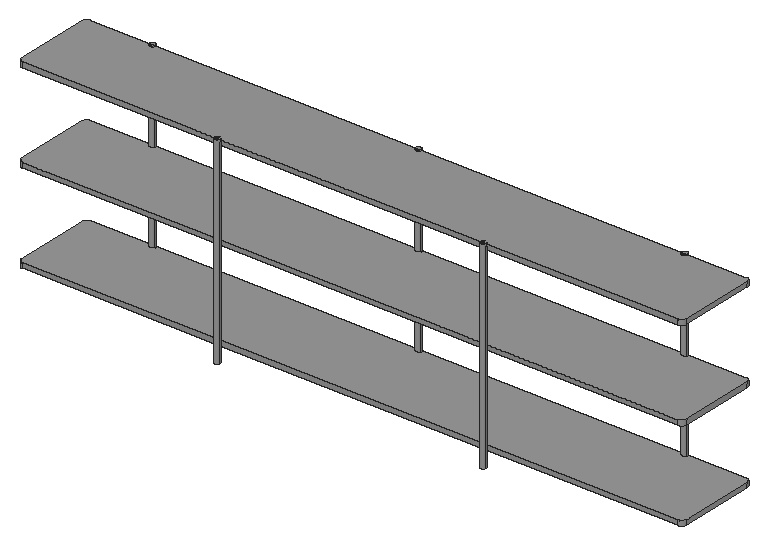
Revit family "Aero76-LivingDivani", category Furniture, Revit 2014
Parameters (values of type "250x76")
  URL = "http://www.livingdivani.it"
  Model = "Aero"
  Mat. Struttura = Zinc
  Manufacturer = "LivingDivani"
  Codice prodotto = "AERL76"
Reference planes (cm)
  plane 1 "Centro (Fronte/Retro)": y = 0
  plane 2: z = 0
  plane 3 "Centro (Sinistra/Destra)": x = 0
Forms (cm)
  Extrusion 1, solid, material "Zinc" <- "Mat. Struttura"
    sketch origin (0, 0, 6) x (1, 0, 0) y (0, 1, 0)
      loop
        arc (-123.2, 16) -> (-124.4728, 15.4728) -> (-125, 14.2) r 1.8
        line (-125, 14.2) -> (-125, -14.2)
        arc (-125, -14.2) -> (-124.4728, -15.4728) -> (-123.2, -16) r 1.8
        line (-123.2, -16) -> (-51.1089, -16) -> (123.2, -16)
        arc (123.2, -16) -> (124.4728, -15.4728) -> (125, -14.2) r 1.8
        line (125, -14.2) -> (125, 14.2)
        arc (125, 14.2) -> (124.4728, 15.4728) -> (123.2, 16) r 1.8
        line (123.2, 16) -> (-101.1089, 16) -> (-123.2, 16)
    from 0 to 1.8
  Extrusion 2, solid, material "Zinc" <- "Mat. Struttura"
    sketch origin (0, 0, 39.8) x (1, 0, 0) y (0, 1, 0)
      loop
        arc (-123.2, 16) -> (-124.4728, 15.4728) -> (-125, 14.2) r 1.8
        line (-125, 14.2) -> (-125, -14.2)
        arc (-125, -14.2) -> (-124.4728, -15.4728) -> (-123.2, -16) r 1.8
        line (-123.2, -16) -> (-51.1089, -16) -> (123.2, -16)
        arc (123.2, -16) -> (124.4728, -15.4728) -> (125, -14.2) r 1.8
        line (125, -14.2) -> (125, 14.2)
        arc (125, 14.2) -> (124.4728, 15.4728) -> (123.2, 16) r 1.8
        line (123.2, 16) -> (-101.1089, 16) -> (-123.2, 16)
    from 0 to 1.8
  Extrusion 3, solid, material "Zinc" <- "Mat. Struttura"
    sketch origin (0, 0, 73.6) x (1, 0, 0) y (0, 1, 0)
      loop
        arc (-123.2, 16) -> (-124.4728, 15.4728) -> (-125, 14.2) r 1.8
        line (-125, 14.2) -> (-125, -14.2)
        arc (-125, -14.2) -> (-124.4728, -15.4728) -> (-123.2, -16) r 1.8
        line (-123.2, -16) -> (-51.1089, -16) -> (123.2, -16)
        arc (123.2, -16) -> (124.4728, -15.4728) -> (125, -14.2) r 1.8
        line (125, -14.2) -> (125, 14.2)
        arc (125, 14.2) -> (124.4728, 15.4728) -> (123.2, 16) r 1.8
        line (123.2, 16) -> (-101.1089, 16) -> (-123.2, 16)
    from 0 to 1.8
  Extrusion 4, solid, material "Zinc" <- "Mat. Struttura"
    sketch origin (0, 0, 0) x (1, 0, 0) y (0, 1, 0)
      loop
        circle (-100, 16) r 1.1
    from 0 to 75.4
  Extrusion 5, solid, material "Zinc" <- "Mat. Struttura"
    sketch origin (100, 0, 0) x (1, 0, 0) y (0, 1, 0)
      loop
        circle (-100, 16) r 1.1
    from 0 to 75.4
  Extrusion 6, solid, material "Zinc" <- "Mat. Struttura"
    sketch origin (0, 0, 0) x (-1, 0, 0) y (0, -1, 0)
      loop
        circle (-100, -16) r 1.1
    from 0 to 75.4
  Extrusion 7, solid, material "Zinc" <- "Mat. Struttura"
    sketch origin (0, 0, 0) x (1, 0, 0) y (0, 1, 0)
      loop
        circle (-50, -16) r 1.1
    from 0 to 75.4
  Extrusion 8, solid, material "Zinc" <- "Mat. Struttura"
    sketch origin (0, 0, 0) x (-1, 0, 0) y (0, -1, 0)
      loop
        circle (-50, 16) r 1.1
    from 0 to 75.4
Dimensions and locks (cm)
  aligned and locked: level to plane 2
